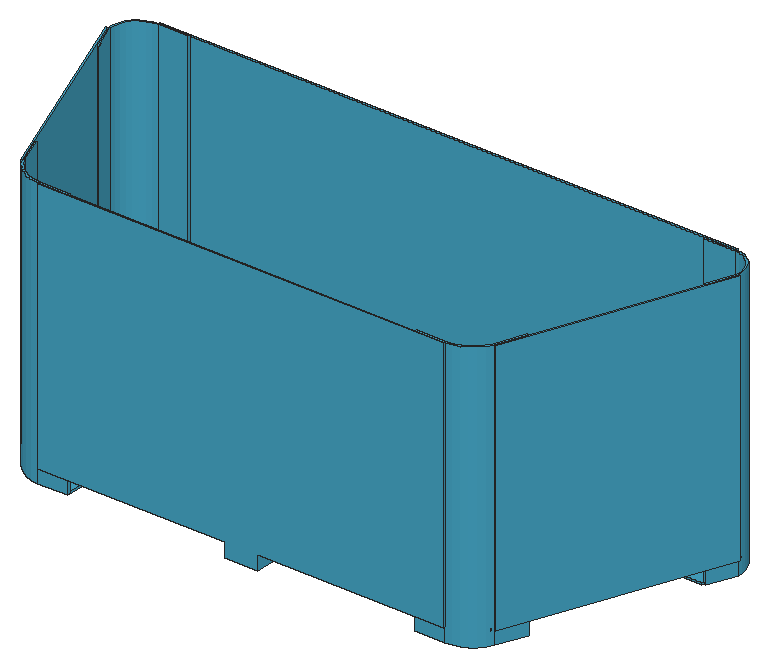
Revit family "product code 61511-S", category Meble, Revit 2021
Family settings
  Numer OmniClass = 23.40.20.00
  Tytuł OmniClass = General Furniture and Specialties
  Oparty na płaszczyźnie roboczej = Nie
  Zawsze pionowo = Tak
  Tnij formami wycięć po wczytaniu = Nie
  Współdzielony = Nie
  Punkt obliczania pomieszczeń = Nie
Parameters (values of type "61511-S")
  metal = Kobenhagen RAL 5012
  Width = "44 cm"
  Weight = "45 kg"
  URL = "https://kobenhagen.com/en_US/p/Kdbyen-Large-Plant-Case/183"
  Size = "150 L"
  Product line = "Kødbyen"
  Product Groups = "Plant Cases"
  Producent = "Lars Laj"
  Keynote = ""
  Opis = "Kødbyen Large Plant Case"
  Model = "61511-S"
  Material = "Powder coated steel"
  Maintenance = "We recommend to examine and tighten all screws and bolt clamps after a few weeks’ use. In order to prevent cracks and to extend the life of the wood, it is recommended that the wood details should be oiled every 3-5 years."
  Lenght = "106 cm"
  Type Comments = ""
  Kobenhagen Materials = "larslaj.com/bim"
  Hosted on larslaj.com = "https://larslaj.com/bim"
  Height = "45 cm"
  Domyślna rzędna = 0 mm
  Copyright = "All designs and drawings are the intellectual property of Lars Laj A/S and are protected by Danish and international copyright laws."
Reference planes
  plane 1 "front": y = 0
  plane 2: z = 0
  plane 3 "Środek (Lewa/Prawa)": x = 0
  plane 4 "left": x = -247.535
  plane 5 "back": y = 400
  plane 6: x = 264.233
  plane 7: z = 301.491
Forms (mm)
  Extrusion 1, solid, material "Kobenhagen RAL 5012" <- "metal", not visible
    sketch origin (0, 0, 0) x (0, 1, 0) y (0, 0, 1)
      loop
        arc (71.187, 451.5) -> (57.045, 445.642) -> (51.187, 431.5) r 20
        line (51.187, 431.5) -> (51.187, 18.231)
        arc (51.187, 18.231) -> (56.527, 5.34) -> (69.418, 0) r 18.231
        line (69.418, 0) -> (153.638, 0) -> (153.638, 15) -> (448.638, 15) -> (448.638, 0) -> (527.023, 0)
        arc (527.023, 0) -> (542.307, 6.331) -> (548.638, 21.615) r 21.615
        line (548.638, 21.615) -> (548.638, 429.407)
        arc (548.638, 429.407) -> (542.168, 445.029) -> (526.545, 451.5) r 22.093
        line (526.545, 451.5) -> (71.187, 451.5)
    from 750.378 to 745
  Extrusion 2, solid, material "Kobenhagen RAL 5012" <- "metal", not visible
    sketch origin (0, 0, 0) x (0, 1, 0) y (0, 0, 1)
      loop
        line (548.638, 396.844) -> (629.375, 854.725) -> (601.836, 859.581)
        arc (601.836, 859.581) -> (585.224, 855.898) -> (576.082, 841.547) r 22.232
        line (576.082, 841.547) -> (507.306, 451.5) -> (526.545, 451.5)
        arc (526.545, 451.5) -> (542.168, 445.029) -> (548.638, 429.407) r 22.093
        line (548.638, 429.407) -> (548.638, 396.844)
    from 745 to 750.378
  Extrusion 3, solid, material "Kobenhagen RAL 5012" <- "metal"
    sketch origin (0, 0, 0) x (1, 0, 0) y (0, 1, 0)
      loop
        line (-482.308, 399.984) -> (-431.455, 399.883) -> (-431.455, 402.983) -> (-482.358, 402.984)
        arc (-482.358, 402.984) -> (-515.397, 387.439) -> (-527.195, 352.883) r 46.771
        line (-527.195, 352.883) -> (-509.112, 305.896) -> (-505.919, 305.896) -> (-524.234, 353.541)
        arc (-524.234, 353.541) -> (-513.075, 385.613) -> (-482.308, 399.984) r 43.652
      loop
        line (-391.774, 9.365) -> (-409.853, 56.34) -> (-413.068, 56.34) -> (-394.546, 8.213)
        arc (-394.546, 8.213) -> (-372.56, -17.482) -> (-340.133, -27.077) r 59.594
        line (-340.133, -27.077) -> (-290.133, -27.077) -> (-290.133, -24.077) -> (-340.133, -24.077)
        arc (-340.133, -24.077) -> (-370.895, -14.987) -> (-391.774, 9.365) r 56.594
      loop
        arc (482.308, 399.984) -> (513.075, 385.613) -> (524.234, 353.541) r 43.652
        line (524.234, 353.541) -> (505.919, 305.896) -> (509.112, 305.896) -> (527.195, 352.883)
        arc (527.195, 352.883) -> (515.397, 387.439) -> (482.358, 402.984) r 46.771
        line (482.358, 402.984) -> (431.455, 402.983) -> (431.455, 399.883) -> (482.308, 399.984)
      loop
        arc (391.774, 9.365) -> (370.895, -14.987) -> (340.133, -24.077) r 56.594
        line (340.133, -24.077) -> (290.133, -24.077) -> (290.133, -27.077) -> (340.133, -27.077)
        arc (340.133, -27.077) -> (372.56, -17.482) -> (394.546, 8.213) r 59.594
        line (394.546, 8.213) -> (413.068, 56.34) -> (409.853, 56.34) -> (391.774, 9.365)
    from 0 to 450
  Extrusion 4, solid, material "Kobenhagen RAL 5012" <- "metal"
    sketch origin (0, 0, 0) x (1, 0, 0) y (0, 1, 0)
      loop
        line (-394.546, 8.213) -> (-527.195, 352.883) -> (-529.995, 351.806) -> (-397.345, 7.135) -> (-394.546, 8.213)
      loop
        line (394.546, 8.213) -> (397.345, 7.135) -> (529.995, 351.806) -> (527.195, 352.883) -> (394.546, 8.213)
      loop
        line (-482.36, 402.984) -> (482.372, 402.984) -> (482.372, 405.883) -> (-482.36, 405.883) -> (-482.36, 402.984)
      loop
        line (-339.133, -27.077) -> (-339.133, -30.068) -> (340.438, -30.068) -> (340.438, -27.077) -> (-339.133, -27.077)
    from 23.5 to 450
  Extrusion 5, solid, material "Kobenhagen RAL 5012"
    sketch origin (0, 0, 0) x (1, 0, 0) y (0, 1, 0)
      loop
        arc (-491.434, 401.734) -> (-515.667, 384.474) -> (-527.242, 357.066) r 54.56
        line (-527.242, 357.066) -> (-390.047, 0.584)
        arc (-390.047, 0.584) -> (-368.516, -19.259) -> (-340.133, -26.452) r 59.594
        line (-340.133, -26.452) -> (340.133, -26.452)
        arc (340.133, -26.452) -> (369.909, -18.48) -> (391.718, 3.303) r 59.594
        line (391.718, 3.303) -> (527.312, 355.623)
        arc (527.312, 355.623) -> (516.161, 384.938) -> (489.673, 401.734) r 49.688
        line (489.673, 401.734) -> (-491.434, 401.734)
    from 23.5 to 27.496
  Extrusion 6, solid, material "Kobenhagen RAL 5012" <- "metal"
    sketch origin (0, 0, 0) x (1, 0, 0) y (0, 0, 1)
      loop
        line (-26.333, 23.5) -> (-26.333, 0) -> (28.667, 0) -> (28.667, 23.5) -> (-26.333, 23.5)
    from -405.883 to 30.068
  Extrusion 7, solid, material "Kobenhagen RAL 5012" <- "metal"
    sketch origin (0, 0, 0) x (1, 0, 0) y (0, 1, 0)
      loop
        line (-524.234, 353.541) -> (-505.091, 303.741) -> (-431.455, 303.741) -> (-431.455, 399.883) -> (-482.308, 399.984)
        arc (-482.308, 399.984) -> (-513.075, 385.613) -> (-524.234, 353.541) r 43.652
      loop
        arc (524.234, 353.541) -> (513.075, 385.613) -> (482.308, 399.984) r 43.652
        line (482.308, 399.984) -> (431.455, 399.883) -> (431.455, 303.741) -> (505.091, 303.741) -> (524.234, 353.541)
      loop
        arc (-391.774, 9.365) -> (-370.895, -14.987) -> (-340.133, -24.077) r 56.594
        line (-340.133, -24.077) -> (-290.133, -24.077) -> (-290.133, 55.901) -> (-409.684, 55.901) -> (-391.774, 9.365)
      loop
        line (391.774, 9.365) -> (409.684, 55.901) -> (290.133, 55.901) -> (290.133, -24.077) -> (340.133, -24.077)
        arc (340.133, -24.077) -> (370.895, -14.987) -> (391.774, 9.365) r 56.594
    from 0 to 3.212
Cuts and joins
  joined: Extrusion 4, Extrusion 6
Lines and regions (mm)
  model lines, style "9"
    curve 1: line (264.233, -399.489, 0) -> (264.233, -405.489, 0)
    curve 2: line (-304.767, -399.489, 0) -> (-304.767, -405.489, 0)
    curve 3: line (-281.767, -399.489, 0) -> (-281.767, -405.489, 0)
    curve 4: line (484.962, -22.733, 0) -> (484.962, 7.267, 0)
    curve 5: line (908.962, 7.267, 0) -> (908.962, -22.733, 0)
    curve 6: arc (478.388, 402.984, 0) -> (511.47, 387.478, 0) -> (523.223, 352.883, 0) r 46.637
    curve 7: line (428.472, 402.883, 0) -> (478.388, 402.984, 0)
    curve 8: line (523.223, 352.883, 0) -> (505.139, 305.896, 0)
Dimensions and locks
  aligned and locked: level to plane 2
  aligned and locked: Extrusion 4 to Extrusion 6
  aligned and locked: cut or joined group of Extrusion 4, Extrusion 6 to cut or joined group of Extrusion 4, Extrusion 6
